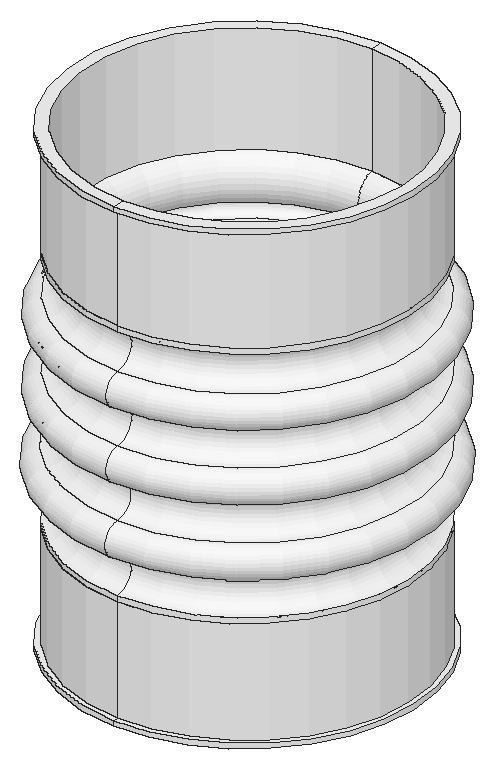
Revit family "R1900", category Pipe Accessories, Revit 2018
Family settings
  Round Connector Dimension = Use Diameter
  Part Type = Normal
  Work Plane-Based = No
  Always vertical = Yes
  Cut with Voids When Loaded = No
  Shared = No
Parameters (values of type "R1906_6" Dai_Vertical Expansion Joint")
  URL = "WWW.MIFAB.COM"
  Pipe Radius = Pipe Diameter / 2  # 0' - 3"
  Pipe Diameter = 0' - 6"
  Model = "R1900"
  Manufacturer = "MIFAB"
  Height = 0' - 8 5/8"
  Floor Drain Material = Paint - Sherwin Williams Paint - #952C2A - Bellwood Red
  Description = "VERTICAL EXPANSION JOINT"
Types (6): name | Pipe Radius | Pipe Diameter | Height
  (no name) | 0' - 3" | 0' - 6" | 0' - 8 5/8"
  R1902_2" Dai_Vertical Expansion Joint | 0' - 1" | 0' - 2" | 0' - 7 1/8"
  R1903_3" Dai_Vertical Expansion Joint | 0' - 1 1/2" | 0' - 3" | 0' - 8 1/8"
  R1904_4" Dai_Vertical Expansion Joint | 0' - 2" | 0' - 4" | 0' - 8 5/8"
  R1906_6" Dai_Vertical Expansion Joint | 0' - 3" | 0' - 6" | 0' - 8 5/8"
  R1908_8" Dai_Vertical Expansion Joint | 0' - 4" | 0' - 8" | 0' - 11"
Reference planes (in)
  plane 1 "Center (Front/Back)": y = 0
  plane 2: z = -0.00092
  plane 3 "Center (Left/Right)": x = 0
  plane 4: z = -4.33546
  plane 5: z = -0.08546
  plane 6: z = 2.2916
  plane 7: z = -2.2916
  plane 8: z = -4.33546
  plane 9: z = -0.08546
  plane 10: z = 0.53954
  plane 11: z = -2.18923
  plane 12: z = -4.82484
  plane 13: z = 4.31158
  plane 14: z = 4.22372
  plane 15: z = -4.31342
  plane 16: z = 4.33546
  plane 17: z = 0.08546
  plane 18: z = -0.53954
  plane 19: z = 2.18923
  plane 20: z = 4.82484
  plane 21: z = -4.22557
  plane 22: y = -3
  plane 23: y = 3
Forms (in)
  Revolve 1, solid, material "Paint - Sherwin Williams Paint - #952C2A - Bellwood Red" <- "Floor Drain Material"
    sketch origin (0, 0.04396, 0.53954) x (0, 1, 0) y (0, 0, 1)
      loop
        line (-3.04396, -2.72878) -> (-3.04396, -2.83115) -> (-2.91797, -2.83115)
        arc (-2.91797, -2.83115) -> (-2.61108, -2.33065) -> (-3.05289, -1.94402) r 0.45514
        arc (-3.05289, -1.94402) -> (-3.2161, -1.77283) -> (-3.04298, -1.61167) r 0.16626
        arc (-3.04298, -1.61167) -> (-2.60592, -1.15964) -> (-3.03749, -0.70237) r 0.45514
        arc (-3.03749, -0.70237) -> (-3.19565, -0.5358) -> (-3.03749, -0.36923) r 0.16679
        arc (-3.03749, -0.36923) -> (-2.60591, 0.08529) -> (-3.03749, 0.53982) r 0.45514
        arc (-3.03749, 0.53982) -> (-3.19194, 0.70248) -> (-3.03749, 0.86514) r 0.16288
        arc (-3.03749, 0.86514) -> (-2.60992, 1.25938) -> (-2.91896, 1.75206) r 0.45514
        line (-2.91896, 1.75206) -> (-3.04396, 1.75206) -> (-3.04396, 1.64936)
        arc (-3.04396, 1.64936) -> (-2.73091, 1.31967) -> (-3.04396, 0.98997) r 0.33014
        arc (-3.04396, 0.98997) -> (-3.31694, 0.70248) -> (-3.04396, 0.41499) r 0.28788
        arc (-3.04396, 0.41499) -> (-2.73091, 0.08529) -> (-3.04396, -0.2444) r 0.33014
        arc (-3.04396, -0.2444) -> (-3.32065, -0.53562) -> (-3.04432, -0.82718) r 0.29179
        arc (-3.04432, -0.82718) -> (-2.73189, -1.16227) -> (-3.05549, -1.48658) r 0.32996
        arc (-3.05549, -1.48658) -> (-3.34117, -1.77797) -> (-3.05513, -2.069) r 0.29126
        arc (-3.05513, -2.069) -> (-2.73096, -2.39349) -> (-3.04396, -2.72878) r 0.33014
      axis (-0.04396, 1.75206) -> (-0.04396, -2.83115)
    angle from 0 to 360
  Revolve 2, solid, material "Paint - Sherwin Williams Paint - #952C2A - Bellwood Red" <- "Floor Drain Material"
    sketch origin (0, 0.04396, 0.53954) x (0, 1, 0) y (0, 0, 1)
      loop
        line (-3.04396, 1.75206) -> (-2.91896, 1.75206) -> (-2.91896, 3.77203) -> (-3.13625, 3.77203) -> (-3.13625, 3.68417) -> (-3.04396, 3.68417) -> (-3.04396, 1.75206)
      axis (-0.04396, 3.77203) -> (-0.04396, 1.75206)
    angle from 0 to 360
  Revolve 3, solid, material "Paint - Sherwin Williams Paint - #952C2A - Bellwood Red" <- "Floor Drain Material"
    sketch origin (0, 0.04396, -0.53954) x (0, 1, 0) y (0, 0, 1)
      loop
        line (-3.04396, -1.75206) -> (-3.04396, -3.68602) -> (-3.13625, -3.68602) -> (-3.13625, -3.77388) -> (-2.91896, -3.77388) -> (-2.91896, -1.75206) -> (-3.04396, -1.75206)
      axis (-0.04396, -3.77388) -> (-0.04396, -1.75206)
    angle from 0 to 360
Dimensions and locks (in)
  locked: plane 5 to plane 4 at 4.25
  locked: plane 7 to plane 6 at 4.5832
  locked: plane 9 to plane 8 at 4.25
  locked: plane 13 to plane 14 at 0.08786
  locked: plane 16 to plane 17 at 4.25
  locked: plane 15 to plane 21 at 0.08786
  "Height": plane 15 to plane 13
  equal spacing: plane 23, plane 1 "Center (Front/Back)", plane 22
  "Pipe Diameter": plane 23 to plane 22
  "Pipe Radius": plane 1 "Center (Front/Back)" to plane 22
  equal spacing: plane 15, plane 2, plane 13
  aligned and locked: level to plane 2
  aligned and locked: Revolve 1 sketch curve to plane 6
  aligned and locked: plane 7 to Revolve 1 sketch curve
  aligned and locked: Revolve 2 sketch curve to plane 6
  aligned and locked: Revolve 2 sketch curve to plane 13
  aligned and locked: plane 14 to Revolve 2 sketch curve
  aligned and locked: plane 21 to Revolve 3 sketch curve
  aligned and locked: plane 7 to Revolve 3 sketch curve
  aligned and locked: plane 15 to Revolve 3 sketch curve
  aligned and locked: Revolve 3 sketch curve to plane 22
  aligned and locked: Revolve 1 sketch curve to plane 22
  aligned and locked: plane 22 to Revolve 1 sketch curve
  aligned and locked: plane 22 to Revolve 2 sketch curve
Automatic sketch dimensions
  Revolve 2 sketch curve to plane 1 "Center (Front/Back)" = 0' - 0"
  Revolve 2 sketch curve to plane 8 = 0' - 0"
  Revolve 2 sketch curve to Revolve 2 sketch curve = 0' - 0 1/8"
  Revolve 2 sketch curve to Revolve 2 sketch curve = 0' - 0.09229"
  Revolve 2 sketch curve to plane 9 = 0' - 0 1/4"
  Revolve 3 sketch curve to plane 1 "Center (Front/Back)" = 0' - 0"
  plane 16 to Revolve 3 sketch curve = 0' - 0"
  Revolve 3 sketch curve to Revolve 3 sketch curve = 0' - 0 1/8"
  Revolve 3 sketch curve to Revolve 3 sketch curve = 0' - 0.09229"
  Revolve 3 sketch curve to plane 17 = 0' - 0 1/4"
  Revolve 1 sketch curve to Revolve 1 sketch curve = 0' - 0"  (x22)
  Revolve 1 sketch curve to plane 22 = 0' - 0"  (x6)
  Revolve 1 sketch curve to plane 1 "Center (Front/Back)" = 0' - 0"
  Revolve 1 sketch curve to plane 4 = 0' - 0"
  plane 22 to Revolve 1 sketch curve = 0' - 0.00595"
  Revolve 1 sketch curve to plane 22 = 0' - 0.0149"
  level to Revolve 1 sketch curve = 0' - 0.00374"
  Revolve 1 sketch curve to Revolve 1 sketch curve = 0' - 0.0151"
  Revolve 1 sketch curve to Revolve 1 sketch curve = 0' - 0 1/8"
  Revolve 1 sketch curve to Revolve 1 sketch curve = 0' - 0.12599"
  Revolve 1 sketch curve to plane 7 = 0' - 0.10237"
  Revolve 1 sketch curve to Revolve 1 sketch curve = 0' - 0.32969"
  Revolve 1 sketch curve to Revolve 1 sketch curve = 0' - 0.6213"
  Revolve 1 sketch curve to plane 5 = 0' - 0.53189"
  Revolve 1 sketch curve to Revolve 1 sketch curve = 0' - 0.00021"
  Revolve 1 sketch curve to Revolve 1 sketch curve = 0' - 0 159/256"
  Revolve 1 sketch curve to plane 22 = 0' - 0.00098"
  Revolve 1 sketch curve to plane 22 = 0' - 0.00647"
  Revolve 1 sketch curve to plane 5 = 0' - 0 1/4"
  plane 22 to Revolve 1 sketch curve = 0' - 0.01708"  (x4)
  Revolve 1 sketch curve to Revolve 1 sketch curve = 0' - 0.00076"
Connectors (in)
  piping at (0, 0, 4.31158), diameter 6, driven by "Pipe Diameter"
    settings: on Revolve 2, index 1, connector inside diameter 609.6 mm, connector length 0' - 0", flow factor 0, pipe flow 0.0 L/s, pressure drop 0.0 Pa, fitting loss kfactor 0, connector angle 0.00°, fixture units 0, engagement length 0' - 0", angle of deflection 0.00°, flow configuration 0, flow direction 2, fitting loss method 0, system type 16, joint type 0, gender type 0, connector reference index -1, connector utility 0, adjustable connector no, is connector primary yes, connector description ""
  piping at (0, 0, -4.31342), diameter 6, driven by "Pipe Diameter"
    settings: on Revolve 3, index 2, connector inside diameter 609.6 mm, connector length 0' - 0", flow factor 0, pipe flow 0.0 L/s, pressure drop 0.0 Pa, fitting loss kfactor 0, connector angle 0.00°, fixture units 0, engagement length 0' - 0", angle of deflection 0.00°, flow configuration 0, flow direction 2, fitting loss method 0, system type 16, joint type 0, gender type 0, connector reference index -1, connector utility 0, adjustable connector no, is connector primary no, connector description ""
